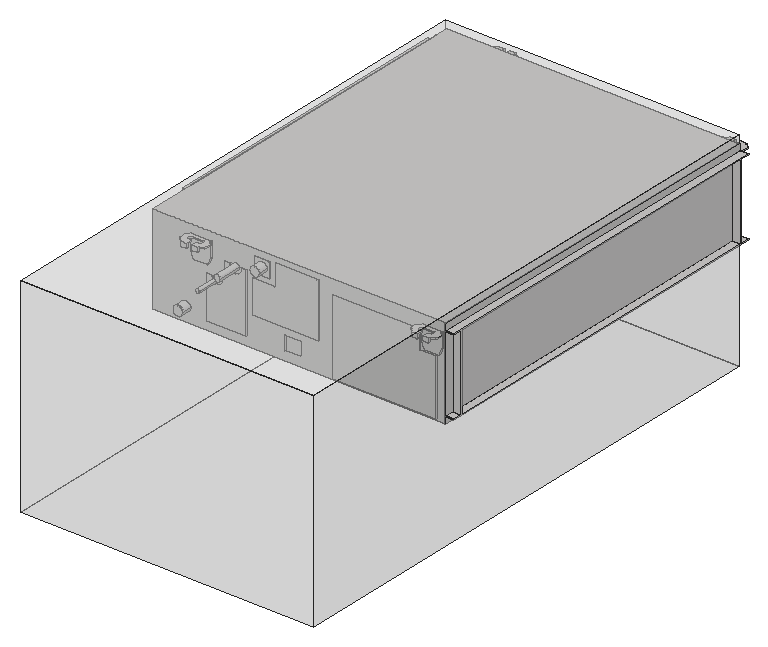
Revit family "outputfile", category 機械設備, Revit 2024
Family settings
  丸型コネクタ寸法 = 半径を使用
  パーツ タイプ = 標準
  OmniClass 番号 = 23.75.10.24.21.27.27
  OmniClass タイトル = Split System Air Conditioning Units
  作業面ベース = いいえ
  常に垂直 = はい
  ロード時にボイドで切り取り = いいえ
  注釈の向きを維持 = いいえ
  共有 = いいえ
  部屋計算ポイント = はい
Parameters (values of type "FBA71BVMA9")
  製造元 = "Daikin"
  書き出し IFC クラス(タイプ) = "IfcUnitaryEquipmentType"
  定義済み IFC タイプ(タイプ) = "AIRCONDITIONINGUNIT"
  モデル = "FBA71BVMA9"
  switch_frequency = yes
  r_Liquid Pipe Size = Liquid Pipe Size / 2  # 4.75 mm
  r_Gas Pipe Size = Gas Pipe Size / 2  # 7.95 mm
  r_Drain Pipe Size = Drain Pipe Size / 2  # 12.5 mm
  lw_power = 770.0 mm  # constant formula
  lh_SA = 138.0 mm  # constant formula
  lw_SA = if(Width = 550.0 mm, 225.0 mm, if(Width = 700.0 mm, 300.0 mm, if(Width = 1000.0 mm, 450.0 mm, if(Width = 1400.0 mm, 650.0 mm, 725.0 mm))))  # 450.0 mm
  lw_RA = if(Width = 550.0 mm, 275.0 mm, if(Width = 700.0 mm, 349.0 mm, if(Width = 1000.0 mm, 499.0 mm, if(Width = 1400.0 mm, 699.0 mm, 775.0 mm))))  # 499.0 mm
  lh_power = 60.0 mm + [h***]  # 60.0 mm
  lh_mountinghole1 = lh_mountinghole + [h***]  # 222.0 mm
  lh_RA = 123.0 mm  # constant formula
  ld_power = Width / 2  # 500.0 mm
  connector_voltage = Voltage_50Hz  # 230 V
  connector_powerinput = [Power Input (Cooling)]  # 2.000 kW
  connector_phase = Phase_50Hz  # 1
  Voltage_comment_60Hz = "220-230"
  Voltage_comment_50Hz = "220-240"
  Voltage_60Hz = 220 V
  Voltage_50Hz = 230 V
  Total Heating Capacity [instance] = 0.000 kW
  Supply Air Direction [instance] = yes
  Power Input (Heating) = 2.090 kW
  Phase_60Hz = 1
  Phase_50Hz = 1
  Nominal Heating Capacity = 8.000 kW
  Minimum External Static Pressure = 50.00 Pa
  Maximum External Static Pressure = 150.00 Pa
  Material_Casing = DAIKIN_GalvanizedSteel_Casing_indoorunit
  lw_mountinghole = 630.0 mm  # constant formula
  lh_gaspipe = 183.0 mm + [h***]  # 183.0 mm
  lh_mountinghole = 222.0 mm  # constant formula
  lh_liquidpipe = 136.0 mm + [h***]  # 136.0 mm
  lh_drainpipe = 207.0 mm + [h***]  # 207.0 mm
  lh_antena = Height - lh_mountinghole + 1.0 mm  # 24.0 mm
  ld_drainpipe = Width / 2 + 26.0 mm  # 526.0 mm
  ld_liquidpipe = Width / 2 + 69.0 mm  # 569.0 mm
  ld_gaspipe = Width / 2 + 65.0 mm  # 565.0 mm
  ld_mountinghole = Width + 38.0 mm  # 1038.0 mm
  h*** = 0.0 mm  # constant formula
  lw_liquidpipe = 179.0 mm  # constant formula
  lw_gaspipe = 229.0 mm  # constant formula
  lw_drainpipe = 300.0 mm  # constant formula
  Width = 1000.0 mm
  Version = "ver.1.0"
  Unit Type = "Duct"
  Unit Mass Weight = 37.00 kg
  Unit Designation [instance] = ""
  Uniclass2015Version = "Products v1.30"
  Uniclass2015Title = "Split coil room air conditioning units"
  Uniclass2015Code = "Pr_70_65_03_86"
  Total Cooling Capacity [instance] = 0.000 kW
  Sound Pressure Level_M speed (dBA) = 35
  Sound Pressure Level_L speed (dBA) = 33
  Sound Pressure Level_H speed (dBA) = 38
  Series = "SkyAir_Fan Coil Unit"
  Sensible Cooling Capacity [instance] = 0.000 kW
  SA Duct Size Width = 792.0 mm
  SA Duct Size Height = 176.0 mm
  Refrigerant Type = "R32"
  RA Duct Size Width = 952.0 mm
  RA Duct Size Height = 208.0 mm
  Power Input (Cooling) = 2.000 kW
  Option Accessory 3 [instance] = ""
  Option Accessory 2 [instance] = ""
  Option Accessory 1 [instance] = ""
  Nominal Cooling Capacity = 7.100 kW
  Minimum Airflow = 960.00 m³/h
  Median Airflow = 1170.00 m³/h
  Maximum Airflow = 1380.00 m³/h
  Load Classification = HVAC
  Liquid Pipe Size = 9.5 mm
  Link_Nested Family [instance] = ""
  IfcVersion = ""
  IfcExportType = "AIRCONDITIONINGUNIT"
  IfcExportAs = "IfcUnitaryEquipmentType"
  Height = 245.0 mm
  Heating Entering Wet Bulb Temperature [instance] = -273.15 °C
  Heating Entering Dry Bulb Temperature [instance] = -273.15 °C
  Heating Ambient Wet Bulb Temperature [instance] = -273.15 °C
  Heating Ambient Dry Bulb Temperature [instance] = -273.15 °C
  Heat Exchanger Type = "Cross Fin Coil"
  Gas Pipe Size = 15.9 mm
  Frequency_60Hz = 60 Hz
  Frequency_50Hz = 50 Hz
  Fan Type = "Sirocco Fan"
  Fan Drive = "Direct Drive"
  FCU Tag No. [instance] = ""
  Drain Pipe Size = 25.0 mm
  Design Supply Airflow [instance] = 0.00 m³/h
  Design Return Airflow [instance] = 0.00 m³/h
  Design External Static Pressure [instance] = 0.00 Pa
  Depth = 800.0 mm
  既定の高さ = 0.0 mm
  Cooling Entering Wet Bulb Temperature [instance] = 0.00 °C
  Cooling Entering Dry Bulb Temperature [instance] = 0.00 °C
  Cooling Ambient Wet Bulb Temperature [instance] = 0.00 °C
  Cooling Ambient Dry Bulb Temperature [instance] = 0.00 °C
  Clearance visibility [instance] = yes
  Clearance Top = 20.0 mm
  Clearance Right = 0.0 mm
  Clearance Rear = 0.0 mm
  Clearance Left = 0.0 mm
  Clearance Front = 450.0 mm
  Clearance Bottom = 300.0 mm
Reference planes
  plane 1 "Center (Front/Back)": y = 0
  plane 2 "h": z = 0
  plane 3 "Center (Left/Right)": x = 0
  plane 4 "Back": y = 500
  plane 5 "Front": y = -500
  plane 6 "Left": x = -400
  plane 7 "Right": x = 400
  plane 8 "Top": z = 0
  plane 9 "Bottom": z = -245
  plane 10: y = -215
  plane 11: y = 500
  plane 12: y = -950
  plane 13: x = -400
  plane 14: x = 400
  plane 15: z = 20
  plane 16: z = -545
  plane 17: x = -400
  plane 18: x = -399
  plane 19: x = 399
  plane 20: y = 50
  plane 21: y = -1
  plane 22: z = -122
  plane 23: y = -501
  plane 24: z = -109
  plane 25: x = -221
  plane 26: y = -565
  plane 27: z = -62
  plane 28: x = -171
  plane 29: y = -526
  plane 30: z = -38
  plane 31: x = -100
  plane 32: x = -100
  plane 33: x = -221
  plane 34: x = -171
  plane 35: x = 370
  plane 36: x = -266
  plane 37: x = 364
  plane 38: y = -519
  plane 39: y = 519
  plane 40: z = -23
  plane 41: z = -107
  plane 42: y = -569
  plane 43: z = -207
  plane 44: x = -309
  plane 45: y = -376
  plane 46: x = -251
  plane 47: x = -203
  plane 48: x = -144
  plane 49: z = -59
  plane 50: z = -106
  plane 51: z = -221
  plane 52: z = -109
  plane 53: x = -221
  plane 54: z = -62
  plane 55: x = -171
  plane 56: z = -17
  plane 57: z = -59
  plane 58: x = -121
  plane 59: x = -79
  plane 60: x = -125
  plane 61: x = -64
  plane 62: x = 53
  plane 63: z = -164
  plane 64: z = -73
  plane 65: z = -16
  plane 66: x = 93.5
  plane 67: x = 374.5
  plane 68: x = 330
  plane 69: z = -88.5
  plane 70: z = -38
  plane 71: z = -242.5
  plane 72: x = -38.5
  plane 73: x = 6.5
  plane 74: z = -181
  plane 75: z = -221
  plane 76: y = -499
  plane 77: x = -424
  plane 78: x = 424
Forms (mm)
  Extrusion 1, solid, material "DAIKIN_GalvanizedSteel_Casing_indoorunit" <- "Material_Casing"
    sketch origin (0, 0, 0) x (1, 0, 0) y (0, 1, 0)
      loop
        line (-399, 500) -> (-399, -500) -> (399, -500) -> (399, 500) -> (-399, 500)
    from -245 to 0
  Extrusion 2, solid, material "DAIKIN_GalvanizedSteel_Casing_indoorunit" <- "Material_Casing"
    sketch origin (0, 0, 0) x (1, 0, 0) y (0, 0, 1)
      loop
        line (-251, -221) -> (-144, -221) -> (-144, -59) -> (-154.47, -59)
        arc (-154.47, -59) -> (-171, -78.8) -> (-187.53, -59) r 16.8
        line (-187.53, -59) -> (-203, -59) -> (-203, -106) -> (-206.916, -106)
        arc (-206.916, -106) -> (-221, -123.4) -> (-235.084, -106) r 14.4
        line (-235.084, -106) -> (-251, -106) -> (-251, -221)
    from 500 to 501
  Extrusion 3, solid, material "DAIKIN_GalvanizedSteel_Casing_indoorunit" <- "Material_Casing"
    sketch origin (0, 0, 0) x (1, 0, 0) y (0, 0, 1)
      loop
        line (-121, -17) -> (-121, -59) -> (-79, -59) -> (-79, -17) -> (-121, -17)
      loop
        line (-125, -73) -> (-125, -164) -> (53, -164) -> (53, -16) -> (-64, -16) -> (-64, -73) -> (-125, -73)
    from 500 to 501
  Extrusion 4, solid, material "DAIKIN_GalvanizedSteel_Casing_indoorunit" <- "Material_Casing"
    sketch origin (0, 0, 0) x (1, 0, 0) y (0, 0, 1)
      loop
        line (93.5, -38) -> (93.5, -242.5) -> (374.5, -242.5) -> (374.5, -88.5) -> (330, -88.5) -> (330, -38) -> (93.5, -38)
    from 500 to 501
  Extrusion 5, solid, material "DAIKIN_GalvanizedSteel_Casing_indoorunit" <- "Material_Casing"
    sketch origin (0, 0, 0) x (1, 0, 0) y (0, 0, 1)
      loop
        circle (-221, -109) r 4.75
    from 500 to 569
  Extrusion 6, solid, material "DAIKIN_GalvanizedSteel_Casing_indoorunit" <- "Material_Casing"
    sketch origin (0, 0, 0) x (1, 0, 0) y (0, 0, 1)
      loop
        circle (-171, -62) r 7.95
    from 500 to 565
  Extrusion 7, solid, material "DAIKIN_GalvanizedSteel_Casing_indoorunit" <- "Material_Casing"
    sketch origin (0, 0, 0) x (1, 0, 0) y (0, 0, 1)
      loop
        circle (-100, -38) r 12.5
    from 501 to 526
  Extrusion 8, solid, material "DAIKIN_GalvanizedSteel_Casing_indoorunit" <- "Material_Casing"
    sketch origin (0, 0, 0) x (1, 0, 0) y (0, 0, 1)
      loop
        circle (-309, -207) r 13
    from 500 to 526
  Extrusion 9, void
    sketch origin (0, 0, 0) x (1, 0, 0) y (0, 0, 1)
      loop
        line (-38.5, -181) -> (-38.5, -221) -> (6.5, -221) -> (6.5, -181) -> (-38.5, -181)
    from 499 to 500
Cuts and joins
  Extrusion 9 cuts Extrusion 1
Dimensions and locks
  "Height": plane 8 "Top" to plane 9 "Bottom"
  equal spacing: plane 4 "Back", plane 1 "Center (Front/Back)", plane 5 "Front"
  "Width": plane 4 "Back" to plane 5 "Front"
  equal spacing: plane 6 "Left", plane 3 "Center (Left/Right)", plane 7 "Right"
  "Depth": plane 6 "Left" to plane 7 "Right"
  "Clearance Left": plane 13 to plane 6 "Left"
  "Clearance Right": plane 7 "Right" to plane 14
  "Clearance Rear": plane 11 to plane 4 "Back"
  "Clearance Front": plane 5 "Front" to plane 12
  "Clearance Top": plane 15 to plane 8 "Top"
  "Clearance Bottom": plane 9 "Bottom" to plane 16
  locked: plane 17 to plane 18 at 1
  locked: plane 19 to plane 14 at 1
  "lw_SA": plane 11 to plane 20
  "lw_RA": plane 21 to plane 5 "Front"
  "lh_RA": plane 22 to plane 9 "Bottom"
  locked: plane 5 "Front" to plane 23 at 1
  "lw_liquidpipe": plane 25 to plane 6 "Left"
  "lh_liquidpipe": plane 24 to plane 9 "Bottom"
  "lh_gaspipe": plane 27 to plane 9 "Bottom"
  "lw_gaspipe": plane 28 to plane 6 "Left"
  "ld_gaspipe": plane 26 to plane 1 "Center (Front/Back)"
  "ld_drainpipe": plane 29 to plane 1 "Center (Front/Back)"
  "lh_drainpipe": plane 30 to plane 9 "Bottom"
  "lw_drainpipe": plane 31 to plane 6 "Left"
  "lw_drainpipe": plane 6 "Left" to plane 32
  "lw_liquidpipe": plane 6 "Left" to plane 33
  "lw_gaspipe": plane 6 "Left" to plane 34
  "lw_power": plane 6 "Left" to plane 35
  locked: plane 17 to plane 36 at 134
  "lw_mountinghole": plane 36 to plane 37
  equal spacing: plane 38, plane 1 "Center (Front/Back)", plane 39
  "ld_mountinghole": plane 39 to plane 38
  "lh_mountinghole": plane 40 to plane 9 "Bottom"
  "lh_SA": plane 41 to plane 9 "Bottom"
  locked: plane 44 to plane 6 "Left" at 91
  locked: plane 43 to plane 9 "Bottom" at 38
  plane 48 to plane 47 to plane 46 to plane 6 "Left" = 59.0 mm, 48.0 mm, 149.0 mm
  plane 8 "Top" to plane 49 to plane 50 to plane 51 = 59.0 mm locked, 47.0 mm locked, 115.0 mm locked
  plane 55 to plane 53 to plane 6 "Left" = 50.0 mm locked, 179.0 mm locked
  plane 54 to plane 52 to plane 9 "Bottom" = 47.0 mm locked, 136.0 mm locked
  plane 59 to plane 58 to plane 6 "Left" = 42.0 mm locked, 279.0 mm locked
  plane 8 "Top" to plane 56 to plane 57 = 17.0 mm locked, 42.0 mm locked
  plane 62 to plane 61 to plane 60 to plane 6 "Left" = 117.0 mm, 61.0 mm, 275.0 mm
  plane 8 "Top" to plane 65 to plane 64 = 16.0 mm locked, 57.0 mm locked
  locked: plane 65 to plane 63 at 148
  plane 8 "Top" to plane 70 to plane 69 to plane 71 = 38.0 mm locked, 50.5 mm locked, 154.0 mm locked
  plane 67 to plane 68 to plane 66 to plane 6 "Left" = 44.5 mm locked, 236.5 mm locked, 493.5 mm locked
  plane 8 "Top" to plane 74 to plane 75 = 181.0 mm locked, 40.0 mm locked
  plane 73 to plane 72 to plane 6 "Left" = 45.0 mm, 361.5 mm
  locked: plane 76 to plane 5 "Front" at 1
  locked: plane 77 to plane 17 at 24
  locked: plane 14 to plane 78 at 24
  "ld_liquidpipe": plane 42 to plane 1 "Center (Front/Back)"
  "r_Liquid Pipe Size": radius of Extrusion 5 sketch curve
  "r_Gas Pipe Size": radius of Extrusion 6 sketch curve
  "r_Drain Pipe Size": radius of Extrusion 7 sketch curve
  aligned and locked: level to plane 2 "h"
  aligned and locked: plane 8 "Top" to Extrusion 1
  aligned and locked: Extrusion 1 to plane 9 "Bottom"
  aligned and locked: nested 5 to plane 12
  aligned and locked: plane 13 to nested 5
  aligned and locked: plane 14 to nested 5
  aligned and locked: nested 5 to plane 13
  aligned and locked: plane 11 to nested 5
  aligned and locked: plane 15 to nested 5
  aligned and locked: plane 16 to nested 5
  aligned and locked: plane 5 "Front" to Extrusion 1 sketch curve
  aligned and locked: Extrusion 1 to plane 18
  aligned and locked: plane 19 to Extrusion 1
  aligned and locked: nested 7 to plane 18
  aligned and locked: nested 7 to plane 20
  aligned and locked: plane 19 to nested 8
  aligned and locked: plane 21 to nested 8
  aligned and locked: plane 22 to nested 8
  aligned and locked: Extrusion 2 to plane 23
  aligned and locked: plane 5 "Front" to Extrusion 2
  aligned and locked: Extrusion 3 to plane 23
  aligned and locked: plane 5 "Front" to Extrusion 3
  aligned and locked: plane 5 "Front" to Extrusion 4
  aligned and locked: Extrusion 5 sketch curve to plane 25
  aligned and locked: plane 24 to Extrusion 5 sketch curve
  aligned and locked: plane 5 "Front" to Extrusion 5
  aligned and locked: Extrusion 6 sketch curve to plane 28
  aligned and locked: plane 27 to Extrusion 6 sketch curve
  aligned and locked: plane 5 "Front" to Extrusion 6
  aligned and locked: Extrusion 7 sketch curve to plane 31
  aligned and locked: Extrusion 7 sketch curve to plane 30
  aligned and locked: Extrusion 7 to plane 29
  aligned and locked: plane 23 to Extrusion 7
  aligned and locked: nested 3 to plane 29
  aligned and locked: plane 32 to nested 3
  aligned and locked: nested 2 to plane 33
  aligned and locked: nested 1 to plane 34
  aligned and locked: Extrusion 6 to plane 26
  aligned and locked: nested 1 to plane 26
  aligned and locked: nested 6 to plane 5 "Front"
  aligned and locked: nested 6 to plane 35
  aligned and locked: plane 36 to nested 10
  aligned and locked: nested 10 to plane 5 "Front"
  aligned and locked: plane 37 to nested 9
  aligned and locked: nested 9 to plane 5 "Front"
  aligned and locked: nested 11 to plane 36
  aligned and locked: plane 4 "Back" to nested 11
  aligned and locked: nested 12 to plane 37
  aligned and locked: plane 4 "Back" to nested 12
  aligned and locked: plane 40 to nested 10
  aligned and locked: plane 40 to nested 11
  aligned and locked: plane 40 to nested 9
  aligned and locked: plane 40 to nested 12
  aligned and locked: plane 36 to nested 14
  aligned and locked: nested 14 to plane 39
  aligned and locked: plane 37 to nested 13
  aligned and locked: nested 13 to plane 39
  aligned and locked: plane 37 to nested 16
  aligned and locked: plane 38 to nested 16
  aligned and locked: plane 38 to nested 15
  aligned and locked: plane 36 to nested 15
  aligned and locked: plane 17 to plane 6 "Left"
  aligned and locked: plane 41 to nested 7
  aligned and locked: Extrusion 5 to plane 42
  aligned and locked: nested 2 to plane 42
  aligned and locked: Extrusion 8 sketch curve to plane 44
  aligned and locked: plane 43 to Extrusion 8 sketch curve
  aligned and locked: plane 5 "Front" to Extrusion 8
  aligned and locked: Extrusion 3 sketch curve to plane 56
  aligned and locked: Extrusion 3 sketch curve to plane 58
  aligned and locked: plane 57 to Extrusion 3 sketch curve
  aligned and locked: plane 59 to Extrusion 3 sketch curve
  aligned and locked: Extrusion 4 to plane 23
  aligned and locked: Extrusion 9 sketch curve to plane 74
  aligned and locked: plane 75 to Extrusion 9 sketch curve
  aligned and locked: plane 73 to Extrusion 9 sketch curve
  aligned and locked: plane 5 "Front" to Extrusion 9
  aligned and locked: plane 76 to Extrusion 9
  aligned and locked: nested 17 to plane 20
  aligned and locked: nested 17 to plane 77
  aligned and locked: plane 21 to nested 18
  aligned and locked: plane 78 to nested 18
  aligned and locked: plane 41 to nested 17
  aligned and locked: nested 18 to plane 22
  aligned and locked: nested 4 to plane 3 "Center (Left/Right)"
  aligned and locked: plane 1 "Center (Front/Back)" to nested 4
  aligned and locked: level to plane 8 "Top"
  aligned and locked: Extrusion 8 to plane 29
Automatic sketch dimensions
  plane 6 "Left" to Extrusion 1 sketch curve = 1.0 mm
  Extrusion 1 sketch curve to plane 7 "Right" = 1.0 mm
  Extrusion 1 sketch curve to plane 4 "Back" = 0.0 mm
  Extrusion 2 sketch curve to plane 46 = 0.0 mm
  Extrusion 2 sketch curve to plane 33 = 0.0 mm
  Extrusion 2 sketch curve to plane 47 = 0.0 mm
  Extrusion 2 sketch curve to plane 34 = 0.0 mm
  Extrusion 2 sketch curve to plane 48 = 0.0 mm
  Extrusion 2 sketch curve to plane 51 = 0.0 mm
  Extrusion 2 sketch curve to plane 52 = 0.0 mm
  Extrusion 2 sketch curve to plane 50 = 0.0 mm  (x3)
  Extrusion 2 sketch curve to plane 54 = 0.0 mm
  Extrusion 2 sketch curve to plane 49 = 0.0 mm  (x3)
  plane 33 to Extrusion 2 sketch curve = 14.084 mm
  plane 34 to Extrusion 2 sketch curve = 16.53 mm
  Extrusion 3 sketch curve to plane 60 = 0.0 mm
  Extrusion 3 sketch curve to plane 61 = 0.0 mm
  Extrusion 3 sketch curve to plane 62 = 0.0 mm
  Extrusion 3 sketch curve to plane 63 = 0.0 mm
  Extrusion 3 sketch curve to plane 64 = 0.0 mm
  Extrusion 3 sketch curve to plane 65 = 0.0 mm
  Extrusion 4 sketch curve to plane 66 = 0.0 mm
  Extrusion 4 sketch curve to plane 68 = 0.0 mm
  Extrusion 4 sketch curve to plane 67 = 0.0 mm
  Extrusion 4 sketch curve to plane 71 = 0.0 mm
  Extrusion 4 sketch curve to plane 69 = 0.0 mm
  Extrusion 4 sketch curve to plane 70 = 0.0 mm
  Extrusion 9 sketch curve to plane 72 = 0.0 mm
  radius of Extrusion 8 sketch curve = 13.0 mm
Nested families
  nested 1: "daikin_connector_rotate2" at (-171, 0, -62), length <- "ld_gaspipe", built-in parameter 1001364 <- "lh_gaspipe", radius <- "r_Gas Pipe Size", type "daikin_connector_rotate2"
    with radius 7.95 mm, length 565.0 mm, angle_vertical 90.00°
  nested 2: "daikin_connector_rotate2" at (-221, 0, -109), length <- "ld_liquidpipe", built-in parameter 1001364 <- "lh_liquidpipe", radius <- "r_Liquid Pipe Size", type "daikin_connector_rotate2"
    with radius 4.75 mm, length 569.0 mm, angle_vertical 90.00°
  nested 3: "daikin_connector_rotate2" at (-100, 0, -38), length <- "ld_drainpipe", built-in parameter 1001364 <- "lh_drainpipe", radius <- "r_Drain Pipe Size", type "daikin_connector_rotate2"
    with radius 12.5 mm, length 526.0 mm, angle_vertical 90.00°
  nested 4: "daikin_△_symbolicline" at (0, 0, 245) x (0, -1, 0) z (0, 0, 1), built-in parameter 1001364 <- "Height", visible <- "Supply Air Direction", type "daikin_△_symbolicline"
    with length 200.0 mm
  nested 5: "daikin_clearancespace" at (0, -225, -262.381), visible <- "Clearance visibility", show <- "Clearance visibility", Link_Nested Family <- "Link_Nested Family", type "daikin_clearancespace"
    with width 800.0 mm, show yes, height 565.0 mm, depth 1450.0 mm, Link_Nested Family ""
  nested 6: "daikin_connector_rotate2" at (370, 0, -185), built-in parameter 1001364 <- "lh_power", length <- "ld_power", type "daikin_connector_rotate2"
    with radius 10.0 mm, length 500.0 mm, angle_vertical 90.00°
  nested 7: "daikin_ductflange_FBA-BVMA9_2" at (-399, 50, -107) x (0, -1, 0) z (0, 0, 1), type "daikin_ductflange_FBA-BVMA9_2"
    with width 792.0 mm, w 1000.0 mm
  nested 8: "daikin_ductflange_FBA-BVMA9" at (399, -1, -122) x (0, 1, 0) z (0, 0, 1), type "daikin_ductflange_FBA-BVMA9"
    with width 952.0 mm, lw 25.0 mm, w 1000.0 mm
  nested 9: "daikin_hangerfixture_FBA-BVMA9" at (364, -500, -23), type "daikin_hangerfixture_FBA-BVMA9"
  nested 10: "daikin_hangerfixture_FBA-BVMA9" at (-266, -500, -23), type "daikin_hangerfixture_FBA-BVMA9"
  nested 11: "daikin_hangerfixture_FBA-BVMA9" at (-266, 500, -23) x (-1, 0, 0) z (0, 0, 1), type "daikin_hangerfixture_FBA-BVMA9"
  nested 12: "daikin_hangerfixture_FBA-BVMA9" at (364, 500, -23) x (-1, 0, 0) z (0, 0, 1), type "daikin_hangerfixture_FBA-BVMA9"
  nested 13: "daikin_mountinghole" at (364, 519, -245), h_mountinghole <- "lh_mountinghole1", l_antenna <- "lh_antena", Link_Nested Family <- "Link_Nested Family", type "daikin_mountinghole"
    with show yes, l_antenna 24.0 mm, h_mountinghole 222.0 mm, Link_Nested Family ""
  nested 14: "daikin_mountinghole" at (-266, 519, -245), h_mountinghole <- "lh_mountinghole1", l_antenna <- "lh_antena", Link_Nested Family <- "Link_Nested Family", type "daikin_mountinghole"
    with show yes, l_antenna 24.0 mm, h_mountinghole 222.0 mm, Link_Nested Family ""
  nested 15: "daikin_mountinghole" at (-266, -519, -245), h_mountinghole <- "lh_mountinghole1", l_antenna <- "lh_antena", Link_Nested Family <- "Link_Nested Family", type "daikin_mountinghole"
    with show yes, l_antenna 24.0 mm, h_mountinghole 222.0 mm, Link_Nested Family ""
  nested 16: "daikin_mountinghole" at (364, -519, -245), h_mountinghole <- "lh_mountinghole1", l_antenna <- "lh_antena", Link_Nested Family <- "Link_Nested Family", type "daikin_mountinghole"
    with show yes, l_antenna 24.0 mm, h_mountinghole 222.0 mm, Link_Nested Family ""
  nested 17: "daikin_connector_rotate2" at (-400, 50, -107) x (0, -1, 0) z (0, 0, 1), type "daikin_connector_rotate2"
    with radius 10.0 mm, length 24.0 mm, angle_vertical 90.00°
  nested 18: "daikin_connector_rotate2" at (400, -1, -122) x (0, 1, 0) z (0, 0, 1), type "daikin_connector_rotate2"
    with radius 10.0 mm, length 24.0 mm, angle_vertical 90.00°
Connectors
  piping at (-100, -526, -38), diameter 25, driven by "r_Drain Pipe Size"
    settings: on nested 3, index 3, connector inside diameter 609.6 mm, connector length 0.0 mm, flow factor 0, pipe flow 0.00 m³/h, pressure drop 0.0 Pa, fitting loss kfactor 0, connector angle 0.00°, fixture units 0, engagement length 0.0 mm, angle of deflection 0.00°, flow configuration 1, flow direction 2, fitting loss method 4, system type 16, joint type 0, gender type 0, connector reference index -1, connector utility 0, adjustable connector no, is connector primary yes, connector description "Condensate Drain Piping"
  piping at (-171, -565, -62), diameter 15.9, driven by "r_Gas Pipe Size"
    settings: on nested 1, index 4, connector inside diameter 609.6 mm, connector length 0.0 mm, flow factor 0, pipe flow 0.00 m³/h, pressure drop 0.0 Pa, fitting loss kfactor 0, connector angle 0.00°, fixture units 0, engagement length 0.0 mm, angle of deflection 0.00°, flow configuration 1, flow direction 2, fitting loss method 0, system type 29, joint type 0, gender type 0, connector reference index -1, connector utility 0, adjustable connector no, is connector primary no, connector description "Refrigerant Gas Piping"
  piping at (-221, -569, -109), diameter 9.5, driven by "r_Liquid Pipe Size"
    settings: on nested 2, index 5, connector inside diameter 609.6 mm, connector length 0.0 mm, flow factor 0, pipe flow 0.00 m³/h, pressure drop 0.0 Pa, fitting loss kfactor 0, connector angle 0.00°, fixture units 0, engagement length 0.0 mm, angle of deflection 0.00°, flow configuration 1, flow direction 1, fitting loss method 0, system type 29, joint type 0, gender type 0, connector reference index -1, connector utility 0, adjustable connector no, is connector primary no, connector description "Refrigerant Liquid Piping"
  electrical at (370, -500, -185), driven by "Load Classification", driven by "connector_voltage", driven by "connector_phase", driven by "connector_powerinput"
    settings: on nested 6, index 6, voltage 230 V, apparent load 2000 VA, apparent load phase1 0 VA, apparent load phase2 0 VA, apparent load phase3 0 VA, power factor 1, load classification "HVAC", number of poles 1, system type 30, power factor state 1, is connector primary yes, connector utility no, sub classification motor no, connector description "Power Supply"
  hvac at (-424, 50, -107), driven by "SA Duct Size Height", driven by "SA Duct Size Width"
    settings: on nested 17, index 7, duct flow 0.00 m³/h, flow factor 0, pres drop 0.00 Pa, loss coef 0, conn angle 0.00°, conn width 792.0 mm, conn height 176.0 mm, conn diameter 609.6 mm, duct sys type 1, conn prof type 1, flow config 0, flow direction 2, loss method 4, conn ref index -1, conn util no, is conn primary yes, conn desc "SA Duct"
  hvac at (424, -1, -122), driven by "RA Duct Size Height", driven by "RA Duct Size Width"
    settings: on nested 18, index 8, duct flow 0.00 m³/h, flow factor 0, pres drop 0.00 Pa, loss coef 0, conn angle 0.00°, conn width 952.0 mm, conn height 208.0 mm, conn diameter 609.6 mm, duct sys type 2, conn prof type 1, flow config 0, flow direction 1, loss method 4, conn ref index -1, conn util no, is conn primary no, conn desc "RA Duct"
Definition of nested family "daikin_clearancespace"
  Parameters (values of type "daikin_clearancespace")
    Description = "daikin_clearancespace"
    width [instance] = 1823.963 mm
    show [instance] = yes
    material = none
    height [instance] = 1359.762 mm
    depth [instance] = 880.0 mm
    Default Elevation = 0.0 mm
    Link_Nested Family [instance] = ""
  Reference planes
    plane 1 "Center (Front/Back)": y = 0
    plane 2 "Center (Elevation)": z = -0.119
    plane 3 "Center (Left/Right)": x = 0
    plane 4: y = 440
    plane 5: y = -440
    plane 6 "Right": x = 911.982
    plane 7 "Left": x = -911.982
    plane 8 "Top": z = 679.762
    plane 9 "Bottom": z = -680
  Forms (mm)
    Extrusion 1, solid, material <- "material", visible <- "show"
      sketch origin (0, 0, 0) x (1, 0, 0) y (0, 1, 0)
        loop
          line (-911.982, 440) -> (-911.982, -440) -> (911.982, -440) -> (911.982, 440) -> (-911.982, 440)
      from -680 to 679.762
  Lines and regions (mm)
    symbolic lines, visible <- "show"
      curve 1: line (911.982, 440, 0) -> (-911.982, 440, 0)
      curve 2: line (-911.982, 440, 0) -> (-911.982, -440, 0)
      curve 3: line (-911.982, -440, 0) -> (911.982, -440, 0)
      curve 4: line (911.982, -440, 0) -> (911.982, 440, 0)
      curve 5: line (911.982, 0, 679.762) -> (-911.982, 0, 679.762)
      curve 6: line (911.982, 0, -680) -> (911.982, 0, 679.762)
      curve 7: line (-911.982, 0, -680) -> (911.982, 0, -680)
      curve 8: line (-911.982, 0, 679.762) -> (-911.982, 0, -680)
      curve 9: line (0, 440, 679.762) -> (0, -440, 679.762)
      curve 10: line (0, -440, 679.762) -> (0, -440, -680)
      curve 11: line (0, 440, -680) -> (0, 440, 679.762)
      curve 12: line (0, -440, -680) -> (0, 440, -680)
  Dimensions and locks
    "width": plane 7 "Left" to plane 6 "Right"
    "depth": plane 4 to plane 5
    "height": plane 8 "Top" to plane 9 "Bottom"
    equal spacing: plane 7 "Left", plane 3 "Center (Left/Right)", plane 6 "Right"
    equal spacing: plane 4, plane 1 "Center (Front/Back)", plane 5
    equal spacing: plane 8 "Top", plane 2 "Center (Elevation)", plane 9 "Bottom"
    aligned and locked: level to plane 2 "Center (Elevation)"
    aligned and locked: Extrusion 1 sketch curve to plane 4
    aligned and locked: plane 7 "Left" to Extrusion 1 sketch curve
    aligned and locked: Extrusion 1 sketch curve to plane 5
    aligned and locked: Extrusion 1 sketch curve to plane 6 "Right"
    aligned and locked: plane 8 "Top" to Extrusion 1
    aligned and locked: curve 1 to Extrusion 1
    aligned and locked: curve 2 to Extrusion 1
    aligned and locked: curve 3 to Extrusion 1
    aligned and locked: curve 4 to Extrusion 1
    aligned and locked: curve 5 to Extrusion 1
    aligned and locked: curve 6 to Extrusion 1
    aligned and locked: curve 7 to Extrusion 1
    aligned and locked: curve 8 to Extrusion 1
    aligned and locked: curve 9 to Extrusion 1
    aligned and locked: curve 10 to Extrusion 1
    aligned and locked: curve 11 to Extrusion 1
    aligned and locked: curve 12 to Extrusion 1
    aligned and locked: Extrusion 1 to plane 9 "Bottom"
Definition of nested family "daikin_ductflange_FBA-BVMA9_2"
  Parameters (values of type "daikin_ductflange_FBFC-DVMG2")
    width = if(w = 550.0 mm, 337.0 mm, if(w = 700.0 mm, 492.0 mm, if(w = 1000.0 mm, 792.0 mm, if(w = 1400.0 mm, 1192.0 mm, 1337.0 mm))))  # 1192.0 mm
    material = none
    height = 215.0 mm
    depth = 1.0 mm
    w = 1400.0 mm
    Default Elevation = 0.0 mm
  Reference planes
    plane 1 "Center (Front/Back)": y = 0
    plane 2: z = 0
    plane 3 "Center (Left/Right)": x = 0
    plane 4: z = 88
    plane 5: z = -88
    plane 6: y = -25
    plane 7: z = 106
    plane 8: z = 89
    plane 9: y = -1
    plane 10: x = -617.5
    plane 11: x = 617.5
    plane 12: z = -106
    plane 13: z = -89
    plane 14: y = -1
    plane 15: x = 596
    plane 16: x = -596
    plane 17: x = 597
    plane 18: z = 87
    plane 19: z = -87
    plane 20: x = -597
    plane 21: z = 87
    plane 22: z = -87
    plane 23: y = -1
  Forms (mm)
    Extrusion 1, solid, material <- "material"
      sketch origin (0, 0, 0) x (0, 1, 0) y (0, 0, 1)
        loop
          line (-25, 88) -> (0, 88) -> (0, 106) -> (-1, 106) -> (-1, 89) -> (-25, 89) -> (-25, 88)
      from -617.5 to 617.5
    Extrusion 2, solid, material <- "material"
      sketch origin (0, 0, 0) x (0, 1, 0) y (0, 0, 1)
        loop
          line (-25, -88) -> (-25, -89) -> (-1, -89) -> (-1, -106) -> (0, -106) -> (0, -88) -> (-25, -88)
      from -617.5 to 617.5
    Extrusion 3, solid, material <- "material"
      sketch origin (0, 0, 0) x (1, 0, 0) y (0, 0, 1)
        loop
          line (596, 88) -> (596, -88) -> (617.5, -88) -> (617.5, -87) -> (597, -87) -> (597, 87) -> (617.5, 87) -> (617.5, 88) -> (596, 88)
      from 0 to 25
    Extrusion 4, solid, material <- "material"
      sketch origin (0, 0, 0) x (1, 0, 0) y (0, 0, 1)
        loop
          line (-617.5, 88) -> (-617.5, 87) -> (-597, 87) -> (-597, -87) -> (-617.5, -87) -> (-617.5, -88) -> (-596, -88) -> (-596, 88) -> (-617.5, 88)
      from 0 to 25
    Extrusion 5, solid, material <- "material"
      sketch origin (0, 0, 0) x (1, 0, 0) y (0, 0, 1)
        loop
          line (-617.5, 88) -> (-617.5, -88) -> (-596, -88) -> (-596, 88) -> (-617.5, 88)
        loop
          line (617.5, 88) -> (596, 88) -> (596, -88) -> (617.5, -88) -> (617.5, 88)
      from 0 to 1
  Cuts and joins
    joined: Extrusion 1, Extrusion 2, Extrusion 3, Extrusion 4, Extrusion 5
  Dimensions and locks
    plane 4 to level to plane 5 = 88.0 mm, 88.0 mm
    locked: plane 6 to plane 1 "Center (Front/Back)" at 25
    locked: plane 9 to plane 1 "Center (Front/Back)" at 1
    locked: plane 8 to plane 4 at 1
    locked: plane 16 to plane 10 at 21.5
    locked: plane 17 to plane 15 at 1
    locked: plane 4 to plane 18 at 1
    locked: plane 19 to plane 5 at 1
    "width": plane 15 to plane 16
    plane 4 to plane 5 = 176.0 mm
    locked: plane 16 to plane 20 at 1
    locked: plane 4 to plane 21 at 1
    locked: plane 22 to plane 5 at 1
    locked: plane 23 to plane 1 "Center (Front/Back)" at 1
    plane 4 to level to plane 5 = 88.0 mm locked, 88.0 mm locked
    locked: plane 5 to plane 13 at 1
    locked: plane 5 to plane 12 at 18
    locked: plane 7 to plane 4 at 18
    equal spacing: plane 15, plane 3 "Center (Left/Right)", plane 16
    locked: plane 11 to plane 15 at 21.5
    plane 11 to plane 10 = 1235.0 mm
    aligned and locked: level to plane 2
    aligned and locked: Extrusion 1 to plane 10
    aligned and locked: plane 11 to Extrusion 1
    aligned and locked: plane 5 to Extrusion 2
    aligned and locked: Extrusion 2 to plane 1 "Center (Front/Back)"
    aligned and locked: plane 15 to Extrusion 3 sketch curve
    aligned and locked: Extrusion 3 sketch curve to Extrusion 2  (x2)
    aligned and locked: Extrusion 3 sketch curve to plane 11
    aligned and locked: plane 6 to Extrusion 3
    aligned and locked: Extrusion 2 to plane 10
    aligned and locked: plane 11 to Extrusion 2
    aligned and locked: Extrusion 4 sketch curve to Extrusion 1  (x2)
    aligned and locked: plane 5 to Extrusion 4 sketch curve
    aligned and locked: Extrusion 4 sketch curve to plane 16
    aligned and locked: Extrusion 4 sketch curve to plane 22
    aligned and locked: plane 20 to Extrusion 4 sketch curve
    aligned and locked: plane 21 to Extrusion 4 sketch curve
    aligned and locked: Extrusion 4 to plane 1 "Center (Front/Back)"
    aligned and locked: plane 6 to Extrusion 4
    aligned and locked: Extrusion 5 sketch curve to Extrusion 1  (x4)
    aligned and locked: Extrusion 5 sketch curve to Extrusion 4  (x2)
    aligned and locked: Extrusion 5 sketch curve to Extrusion 3  (x2)
    aligned and locked: Extrusion 5 to plane 1 "Center (Front/Back)"
    aligned and locked: plane 23 to Extrusion 5
  Automatic sketch dimensions
    Extrusion 1 sketch curve to plane 6 = 0.0 mm
    Extrusion 1 sketch curve to plane 7 = 0.0 mm
    Extrusion 1 sketch curve to plane 9 = 0.0 mm
    Extrusion 1 sketch curve to plane 1 "Center (Front/Back)" = 0.0 mm
    Extrusion 1 sketch curve to plane 4 = 0.0 mm
    Extrusion 1 sketch curve to plane 8 = 0.0 mm
    Extrusion 2 sketch curve to plane 6 = 0.0 mm
    plane 12 to Extrusion 2 sketch curve = 0.0 mm
    Extrusion 2 sketch curve to plane 14 = 0.0 mm
    Extrusion 2 sketch curve to plane 1 "Center (Front/Back)" = 0.0 mm
    plane 13 to Extrusion 2 sketch curve = 0.0 mm
    Extrusion 2 sketch curve to plane 5 = 0.0 mm
    Extrusion 3 sketch curve to plane 17 = 0.0 mm
    Extrusion 3 sketch curve to plane 19 = 0.0 mm
    Extrusion 3 sketch curve to plane 18 = 0.0 mm
    Extrusion 3 sketch curve to plane 4 = 0.0 mm
    Extrusion 4 sketch curve to plane 10 = 0.0 mm
Definition of nested family "daikin_ductflange_FBA-BVMA9"
  Parameters (values of type "daikin_ductflange_FBFC-DVMG")
    width = if(w = 550.0 mm, 502.0 mm, if(w = 700.0 mm, 654.0 mm, if(w = 1000.0 mm, 952.0 mm, if(w = 1400.0 mm, 1352.0 mm, 1502.0 mm))))  # 654.0 mm
    material = none
    lw = if(width = 654.0 mm, 23.0 mm, 25.0 mm)  # 23.0 mm
    height = 208.0 mm
    depth = 1.0 mm
    w = 700.0 mm
    Default Elevation = 0.0 mm
  Reference planes
    plane 1 "Center (Front/Back)": y = 0
    plane 2: z = 0
    plane 3 "Center (Left/Right)": x = 0
    plane 4: z = 104
    plane 5: z = -104
    plane 6: y = -25
    plane 7: z = 121
    plane 8: z = 105
    plane 9: y = -1
    plane 10: x = -350
    plane 11: x = 350
    plane 12: z = -122
    plane 13: z = -105
    plane 14: y = -1
    plane 15: x = 327
    plane 16: x = -327
    plane 17: x = 328
    plane 18: z = 103
    plane 19: z = -103
    plane 20: x = -328
    plane 21: z = 103
    plane 22: z = -103
    plane 23: y = -1
  Forms (mm)
    Extrusion 1, solid, material <- "material"
      sketch origin (0, 0, 0) x (0, 1, 0) y (0, 0, 1)
        loop
          line (-25, 104) -> (0, 104) -> (0, 121) -> (-1, 121) -> (-1, 105) -> (-25, 105) -> (-25, 104)
      from -350 to 350
    Extrusion 2, solid, material <- "material"
      sketch origin (0, 0, 0) x (0, 1, 0) y (0, 0, 1)
        loop
          line (-25, -104) -> (-25, -105) -> (-1, -105) -> (-1, -122) -> (0, -122) -> (0, -104) -> (-25, -104)
      from -350 to 350
    Extrusion 3, solid, material <- "material"
      sketch origin (0, 0, 0) x (1, 0, 0) y (0, 0, 1)
        loop
          line (327, 104) -> (327, -104) -> (350, -104) -> (350, -103) -> (328, -103) -> (328, 103) -> (350, 103) -> (350, 104) -> (327, 104)
      from 0 to 25
    Extrusion 4, solid, material <- "material"
      sketch origin (0, 0, 0) x (1, 0, 0) y (0, 0, 1)
        loop
          line (-350, 104) -> (-350, 103) -> (-328, 103) -> (-328, -103) -> (-350, -103) -> (-350, -104) -> (-327, -104) -> (-327, 104) -> (-350, 104)
      from 0 to 25
    Extrusion 5, solid, material <- "material"
      sketch origin (0, 0, 0) x (1, 0, 0) y (0, 0, 1)
        loop
          line (-350, 104) -> (-350, -104) -> (-327, -104) -> (-327, 104) -> (-350, 104)
        loop
          line (350, 104) -> (327, 104) -> (327, -104) -> (350, -104) -> (350, 104)
      from 0 to 1
  Cuts and joins
    joined: Extrusion 1, Extrusion 2, Extrusion 3, Extrusion 4, Extrusion 5
  Dimensions and locks
    plane 4 to level to plane 5 = 104.0 mm, 104.0 mm
    locked: plane 6 to plane 1 "Center (Front/Back)" at 25
    locked: plane 9 to plane 1 "Center (Front/Back)" at 1
    locked: plane 8 to plane 4 at 1
    "lw": plane 11 to plane 15
    "lw": plane 16 to plane 10
    locked: plane 17 to plane 15 at 1
    locked: plane 4 to plane 18 at 1
    locked: plane 19 to plane 5 at 1
    "width": plane 15 to plane 16
    equal spacing: plane 15, plane 3 "Center (Left/Right)", plane 16
    locked: plane 16 to plane 20 at 1
    locked: plane 4 to plane 21 at 1
    locked: plane 22 to plane 5 at 1
    locked: plane 23 to plane 1 "Center (Front/Back)" at 1
    locked: plane 7 to plane 4 at 17
    locked: plane 1 "Center (Front/Back)" to plane 14 at 1
    locked: plane 5 to plane 13 at 1
    "height": plane 4 to plane 5
    plane 11 to plane 10 = 700.0 mm
    locked: plane 12 to plane 13 at 17
    equal spacing: plane 4, level, plane 5
    aligned and locked: level to plane 2
    aligned and locked: Extrusion 1 to plane 10
    aligned and locked: plane 11 to Extrusion 1
    aligned and locked: plane 5 to Extrusion 2
    aligned and locked: Extrusion 2 to plane 1 "Center (Front/Back)"
    aligned and locked: plane 15 to Extrusion 3 sketch curve
    aligned and locked: Extrusion 3 sketch curve to Extrusion 2  (x2)
    aligned and locked: Extrusion 3 sketch curve to plane 11
    aligned and locked: plane 6 to Extrusion 3
    aligned and locked: Extrusion 2 to plane 10
    aligned and locked: plane 11 to Extrusion 2
    aligned and locked: Extrusion 4 sketch curve to Extrusion 1  (x2)
    aligned and locked: plane 5 to Extrusion 4 sketch curve
    aligned and locked: Extrusion 4 sketch curve to plane 16
    aligned and locked: Extrusion 4 sketch curve to plane 22
    aligned and locked: plane 20 to Extrusion 4 sketch curve
    aligned and locked: plane 21 to Extrusion 4 sketch curve
    aligned and locked: Extrusion 4 to plane 1 "Center (Front/Back)"
    aligned and locked: plane 6 to Extrusion 4
    aligned and locked: Extrusion 5 sketch curve to Extrusion 1  (x4)
    aligned and locked: Extrusion 5 sketch curve to Extrusion 4  (x2)
    aligned and locked: Extrusion 5 sketch curve to Extrusion 3  (x2)
    aligned and locked: Extrusion 5 to plane 1 "Center (Front/Back)"
    aligned and locked: plane 23 to Extrusion 5
  Automatic sketch dimensions
    Extrusion 1 sketch curve to plane 6 = 0.0 mm
    Extrusion 1 sketch curve to plane 7 = 0.0 mm
    Extrusion 1 sketch curve to plane 9 = 0.0 mm
    Extrusion 1 sketch curve to plane 1 "Center (Front/Back)" = 0.0 mm
    Extrusion 1 sketch curve to plane 4 = 0.0 mm
    Extrusion 1 sketch curve to plane 8 = 0.0 mm
    Extrusion 2 sketch curve to plane 6 = 0.0 mm
    plane 12 to Extrusion 2 sketch curve = 0.0 mm
    Extrusion 2 sketch curve to plane 14 = 0.0 mm
    Extrusion 2 sketch curve to plane 1 "Center (Front/Back)" = 0.0 mm
    plane 13 to Extrusion 2 sketch curve = 0.0 mm
    Extrusion 2 sketch curve to plane 5 = 0.0 mm
    Extrusion 3 sketch curve to plane 17 = 0.0 mm
    Extrusion 3 sketch curve to plane 19 = 0.0 mm
    Extrusion 3 sketch curve to plane 18 = 0.0 mm
    Extrusion 3 sketch curve to plane 4 = 0.0 mm
    Extrusion 4 sketch curve to plane 10 = 0.0 mm
Definition of nested family "daikin_hangerfixture_FBA-BVMA9"
  Parameters (values of type "daikin_hangerfixture_FXMQ-PAVE")
    width = 72.0 mm
    material = none
    height = 60.0 mm
    depth = 41.0 mm
    Default Elevation = 0.0 mm
  Reference planes
    plane 1 "Center (Front/Back)": y = 0
    plane 2: z = 0
    plane 3 "Center (Left/Right)": x = 0
    plane 4: y = 417.146
    plane 5: y = -41
    plane 6: x = -36
    plane 7: x = 36
    plane 8: z = -2.3
    plane 9: z = -60
    plane 10: y = -2.3
    plane 11: z = -12
    plane 12: y = -38.7
  Forms (mm)
    Extrusion 1, solid, material <- "material"
      sketch origin (0, 0, 0) x (1, 0, 0) y (0, 1, 0)
        loop
          line (-28, 0) -> (-28, -5)
          arc (-28, -5) -> (-29.127, -8.162) -> (-32, -9.899) r 5
          arc (-32, -9.899) -> (-34.873, -11.636) -> (-36, -14.798) r 5
          line (-36, -14.798) -> (-36, -27.178)
          arc (-36, -27.178) -> (-35.429, -29.499) -> (-33.846, -31.289) r 5
          line (-33.846, -31.289) -> (-23, -38.798) -> (-23, -41.098) -> (-6.5, -41.098) -> (-6.5, -28.498)
          arc (-6.5, -28.498) -> (-7.379, -26.377) -> (-9.5, -25.498) r 3
          line (-9.5, -25.498) -> (-13.5, -25.498)
          arc (-13.5, -25.498) -> (-20, -18.998) -> (-13.5, -12.498) r 6.5
          line (-13.5, -12.498) -> (13.5, -12.498)
          arc (13.5, -12.498) -> (20, -18.998) -> (13.5, -25.498) r 6.5
          line (13.5, -25.498) -> (9.5, -25.498)
          arc (9.5, -25.498) -> (7.379, -26.377) -> (6.5, -28.498) r 3
          line (6.5, -28.498) -> (6.5, -41.098) -> (23, -41.098) -> (23, -38.798) -> (33.846, -31.289)
          arc (33.846, -31.289) -> (35.429, -29.499) -> (36, -27.178) r 5
          line (36, -27.178) -> (36, -14.596)
          arc (36, -14.596) -> (34.873, -11.434) -> (32, -9.697) r 5
          arc (32, -9.697) -> (29.127, -7.96) -> (28, -4.798) r 5
          line (28, -4.798) -> (28, 0) -> (-28, 0)
      from 0 to -2.3
    Extrusion 2, solid, material <- "material"
      sketch origin (0, 0, 0) x (1, 0, 0) y (0, 0, 1)
        loop
          line (28, -39.037) -> (28, 0) -> (-28, 0) -> (-28, -39.037)
          arc (-28, -39.037) -> (-27.91, -39.983) -> (-27.642, -40.894) r 5
          line (-27.642, -40.894) -> (-21.257, -56.857)
          arc (-21.257, -56.857) -> (-19.418, -59.14) -> (-16.615, -60) r 5
          line (-16.615, -60) -> (16.615, -60)
          arc (16.615, -60) -> (19.418, -59.14) -> (21.257, -56.857) r 5
          line (21.257, -56.857) -> (27.642, -40.894)
          arc (27.642, -40.894) -> (27.91, -39.983) -> (28, -39.037) r 5
      from 0 to 2.3
    Extrusion 3, solid, material <- "material"
      sketch origin (0, 0, 0) x (1, 0, 0) y (0, 0, 1)
        loop
          line (-23, 0) -> (-23, -9)
          arc (-23, -9) -> (-22.121, -11.121) -> (-20, -12) r 3
          line (-20, -12) -> (-9.5, -12)
          arc (-9.5, -12) -> (-7.379, -11.121) -> (-6.5, -9) r 3
          line (-6.5, -9) -> (-6.5, 0) -> (-23, 0)
        loop
          line (23, 0) -> (6.5, 0) -> (6.5, -9)
          arc (6.5, -9) -> (7.379, -11.121) -> (9.5, -12) r 3
          line (9.5, -12) -> (20, -12)
          arc (20, -12) -> (22.121, -11.121) -> (23, -9) r 3
          line (23, -9) -> (23, 0)
      from 38.8 to 41.098
  Cuts and joins
    joined: Extrusion 1, Extrusion 2, Extrusion 3
  Dimensions and locks
    plane 2 to plane 8 = 2.3 mm
    "height": plane 2 to plane 9
    locked: plane 10 to plane 1 "Center (Front/Back)" at 2.3
    locked: plane 2 to plane 11 at 12
    locked: plane 12 to plane 5 at 2.3
    aligned and locked: level to plane 2
    aligned and locked: Extrusion 1 to plane 8
    aligned and locked: plane 2 to Extrusion 1
    aligned and locked: plane 2 to Extrusion 2 sketch curve
    aligned and locked: Extrusion 2 to plane 10
    aligned and locked: Extrusion 2 to plane 1 "Center (Front/Back)"
    aligned and locked: Extrusion 3 sketch curve to cut or joined group of Extrusion 1, Extrusion 2, Extrusion 3  (x3)
    aligned and locked: cut or joined group of Extrusion 1, Extrusion 2, Extrusion 3 to Extrusion 3
  Automatic sketch dimensions
    Extrusion 2 sketch curve to plane 7 = 8.0 mm
    Extrusion 2 sketch curve to plane 8 = 36.737 mm
    plane 6 to Extrusion 2 sketch curve = 19.385 mm
    Extrusion 1 sketch curve to plane 6 = 0.0 mm
    plane 1 "Center (Front/Back)" to Extrusion 1 sketch curve = 0.0 mm
    Extrusion 1 sketch curve to plane 7 = 0.0 mm
    plane 6 to Extrusion 1 sketch curve = 2.154 mm
    plane 6 to Extrusion 1 sketch curve = 3.0 mm
    Extrusion 1 sketch curve to Extrusion 1 sketch curve = 5.0 mm  (x3)
    Extrusion 1 sketch curve to plane 12 = 0.098 mm  (x2)
    Extrusion 1 sketch curve to Extrusion 1 sketch curve = 4.0 mm  (x2)
    Extrusion 1 sketch curve to plane 5 = 0.098 mm  (x2)
    Extrusion 1 sketch curve to plane 3 "Center (Left/Right)" = 6.5 mm
    plane 3 "Center (Left/Right)" to Extrusion 1 sketch curve = 6.5 mm
    Extrusion 1 sketch curve to Extrusion 1 sketch curve = 3.0 mm
    Extrusion 1 sketch curve to plane 7 = 8.0 mm
    Extrusion 1 sketch curve to plane 7 = 5.0 mm
    Extrusion 1 sketch curve to plane 7 = 3.0 mm
    Extrusion 1 sketch curve to plane 7 = 2.154 mm
    plane 12 to Extrusion 1 sketch curve = 7.411 mm  (x2)
    plane 12 to Extrusion 1 sketch curve = 10.202 mm  (x2)
    Extrusion 1 sketch curve to Extrusion 1 sketch curve = 6.5 mm  (x2)
    Extrusion 1 sketch curve to Extrusion 1 sketch curve = 12.38 mm
    Extrusion 1 sketch curve to plane 10 = 12.296 mm
    Extrusion 1 sketch curve to plane 10 = 2.7 mm
    Extrusion 1 sketch curve to plane 10 = 2.498 mm
    plane 6 to Extrusion 1 sketch curve = 4.0 mm
    Extrusion 1 sketch curve to Extrusion 1 sketch curve = 0.0 mm  (x2)
    Extrusion 1 sketch curve to plane 7 = 4.0 mm
    Extrusion 1 sketch curve to Extrusion 1 sketch curve = 4.111 mm
    Extrusion 3 sketch curve to level = 0.0 mm  (x2)
    Extrusion 3 sketch curve to plane 11 = 0.0 mm  (x2)
    plane 11 to Extrusion 3 sketch curve = 3.0 mm  (x2)
    plane 3 "Center (Left/Right)" to Extrusion 3 sketch curve = 6.5 mm
    Extrusion 3 sketch curve to Extrusion 3 sketch curve = 3.0 mm  (x2)
    Extrusion 2 sketch curve to plane 9 = 0.0 mm
    Extrusion 2 sketch curve to Extrusion 2 sketch curve = 11.385 mm
    plane 6 to Extrusion 2 sketch curve = 8.0 mm
    plane 9 to Extrusion 2 sketch curve = 20.963 mm
    Extrusion 2 sketch curve to Extrusion 2 sketch curve = 5.0 mm  (x2)
    plane 9 to Extrusion 2 sketch curve = 3.143 mm  (x3)
    Extrusion 2 sketch curve to Extrusion 2 sketch curve = 4.642 mm  (x2)
    Extrusion 2 sketch curve to Extrusion 2 sketch curve = 0.0 mm  (x2)
    Extrusion 2 sketch curve to Extrusion 2 sketch curve = 0.358 mm
    Extrusion 2 sketch curve to Extrusion 2 sketch curve = 1.857 mm  (x2)
Definition of nested family "daikin_connector_rotate2"
  Parameters (values of type "daikin_connector_rotate2")
    Default Elevation = 1219.2 mm
    show_face = no
    radius [instance] = 10.0 mm
    length [instance] = 600.0 mm
    d_surface = 10.0 mm
    angle_vertical [instance] = 90.00°
  Reference planes
    plane 1 "Center (Front/Back)": y = 0
    plane 2: z = 0
    plane 3 "Center (Left/Right)": x = 0
  Forms (mm)
    Extrusion 1, solid, visible <- "show_face"
      sketch origin (0, -600, 0) x (1, 0, 0) y (0, 0, 1)
        loop
          circle (0, 0) r 10
      from 0 to -10
  Lines and regions (mm)
    reference lines
      curve 1: line (0, 0, 0) -> (0, -600, 0)
    symbolic lines
      curve 2: circle (0, 0, 0) r 5 normal (0, 0, 1)
    model lines, visible <- "show_face"
      curve 3: line (0, 0, 0) -> (0, -600, 0)
  Dimensions and locks
    "length": curve 1 to curve 1
    "length": curve 3 to curve 3
    "d_surface": Extrusion 1 to Extrusion 1
    "radius": radius of Extrusion 1 sketch curve
    "angle_vertical": angle curve 1 to plane 1 "Center (Front/Back)"
    "angle_vertical": angle curve 3 to plane 1 "Center (Front/Back)"
    aligned and locked: level to plane 2
    aligned and locked: plane 1 "Center (Front/Back)" to curve 1
    aligned and locked: plane 2 to curve 1
    aligned and locked: plane 1 "Center (Front/Back)" to curve 2
    aligned and locked: plane 3 "Center (Left/Right)" to curve 2
    aligned and locked: plane 1 "Center (Front/Back)" to curve 3
    aligned and locked: plane 2 to curve 3
    aligned and locked: Extrusion 1 to Extrusion 1
  Automatic sketch dimensions
    Extrusion 1 sketch curve to level = 0.0 mm
    Extrusion 1 sketch curve to plane 3 "Center (Left/Right)" = 0.0 mm
    radius of curve 2 = 5.0 mm
Definition of nested family "daikin_△_symbolicline"
  Parameters (values of type "daikin_△_symbolicline")
    length [instance] = 200.0 mm
    Default Elevation = 0.0 mm
  Reference planes
    plane 1 "Center (Front/Back)": y = 0
    plane 2: z = 0
    plane 3 "Center (Left/Right)": x = 0
  Lines and regions (mm)
    symbolic lines
      curve 1: line (0, -173.205, 0) -> (100, 0, 0)
      curve 2: line (100, 0, 0) -> (-100, 0, 0)
      curve 3: line (-100, 0, 0) -> (0, -173.205, 0)
  Dimensions and locks
    equal spacing: curve 3, plane 3 "Center (Left/Right)", curve 2
    "length": curve 3 to curve 2
    "length": curve 3 to curve 3
    "length": curve 1 to curve 1
    aligned and locked: level to plane 2
    aligned and locked: curve 2 to plane 1 "Center (Front/Back)"
    aligned and locked: plane 3 "Center (Left/Right)" to curve 3
Definition of nested family "daikin_mountinghole"
  Parameters (values of type "daikin_mountinghole")
    Default Elevation = 1219.2 mm
    Type Comments = "mountinghole"
    show [instance] = yes
    material = none
    l_centerline = 100.0 mm
    l_antenna [instance] = 100.0 mm
    h_mountinghole [instance] = 0.0 mm
    d_circle = 30.0 mm
    Link_Nested Family [instance] = ""
  Reference planes
    plane 1 "Center (Front/Back)": y = 0
    plane 2: z = 0
    plane 3 "Center (Left/Right)": x = 0
    plane 4: y = 50
    plane 5: x = -50
    plane 6: x = 50
    plane 7: y = -50
    plane 8 "h_mountinghole": z = 0
    plane 9: z = 100
  Lines and regions (mm)
    model lines, detail levels fine
      curve 1: circle (0, 0, 0) r 15 normal (0, 0, 1)
      curve 2: line (-50, 0, 0) -> (50, 0, 0)
      curve 3: line (0, 50, 0) -> (0, -50, 0)
    symbolic lines, detail levels fine
      curve 4: circle (0, 0, 0) r 15 normal (0, 0, 1)
      curve 5: line (-50, 0, 0) -> (50, 0, 0)
      curve 6: line (0, 50, 0) -> (0, -50, 0)
    model lines
      curve 7: line (0, 0, 100) -> (0, 0, 0)
  Dimensions and locks
    equal spacing: plane 4, plane 1 "Center (Front/Back)", plane 7
    "l_centerline": plane 4 to plane 7
    equal spacing: plane 5, plane 3 "Center (Left/Right)", plane 6
    "l_centerline": plane 5 to plane 6
    "l_antenna": plane 9 to plane 8 "h_mountinghole"
    "h_mountinghole": plane 8 "h_mountinghole" to plane 2
    "d_circle": diameter of curve 1
    "d_circle": diameter of curve 4
    aligned and locked: level to plane 2
    aligned and locked: plane 1 "Center (Front/Back)" to curve 1
    aligned and locked: plane 3 "Center (Left/Right)" to curve 1
    aligned and locked: plane 1 "Center (Front/Back)" to curve 2
    aligned and locked: curve 3 to plane 3 "Center (Left/Right)"
    aligned and locked: plane 6 to curve 2
    aligned and locked: plane 5 to curve 2
    aligned and locked: plane 4 to curve 3
    aligned and locked: plane 7 to curve 3
    aligned and locked: plane 1 "Center (Front/Back)" to curve 4
    aligned and locked: plane 3 "Center (Left/Right)" to curve 4
    aligned and locked: plane 6 to curve 5
    aligned and locked: plane 5 to curve 5
    aligned and locked: plane 1 "Center (Front/Back)" to curve 5
    aligned and locked: plane 4 to curve 6
    aligned and locked: plane 7 to curve 6
    aligned and locked: curve 6 to plane 3 "Center (Left/Right)"
    aligned and locked: curve 7 to plane 3 "Center (Left/Right)"
    aligned and locked: plane 9 to curve 7
    aligned and locked: plane 8 "h_mountinghole" to curve 7
